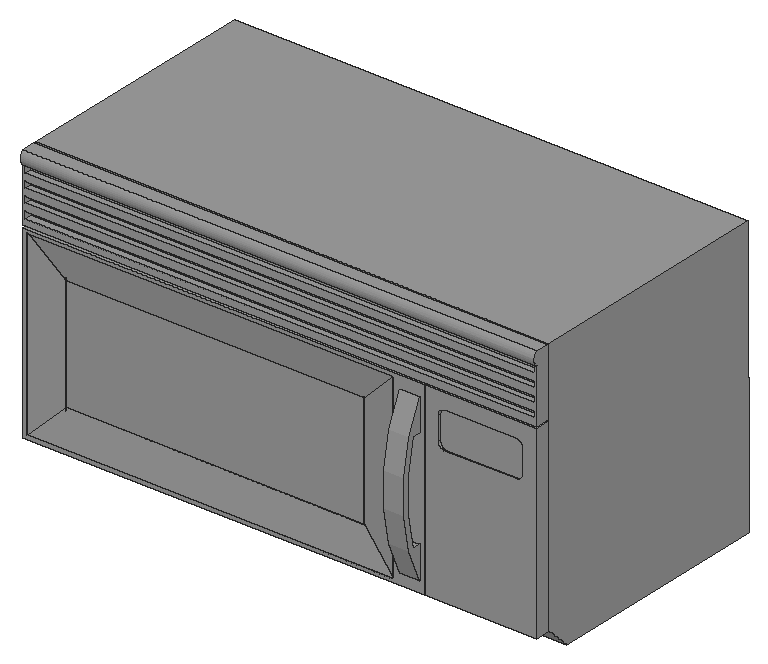
Revit family "30 inch Kitchen aid microwave vent combo", category Casework, Revit 2012
Parameters (values of type "70cm miele oven")
  Miele Oven Glass [instance] = Miele Oven Glass
  Miele Oven Frame [instance] = Appliance SS
  Depth = 39.1 cm
  Height = 41.3 cm
  Width = 75.9 cm
  Assembly Code = ""
Reference planes (cm)
  plane 1 "Back": y = 0
  plane 2: z = 0
  plane 3 "Center (Left/Right)": x = 1.8738
  plane 4 "Left": x = -36.0762
  plane 5 "Right": x = 39.8238
  plane 6 "Front": y = -39.1
  plane 7 "Top": z = 169.3
Forms (cm)
  Extrusion 1, solid, material "Appliance SS" <- "Miele Oven Frame"
    sketch origin (39.8238, 0, 0) x (0, -1, 0) y (0, 0, 1)
      loop
        line (36.8, 169.3) -> (0, 169.3) -> (0, 128) -> (33.6, 128) -> (36.8, 131.2) -> (36.8, 169.3)
    from 0 to 75.9
  Extrusion 2, solid, material "Appliance SS" <- "Miele Oven Frame"
    sketch origin (0, -39.1, 0) x (1, 0, 0) y (0, 0, 1)
      loop
        line (23.3238, 159) -> (23.3238, 131.2) -> (39.8238, 131.2) -> (39.8238, 159) -> (23.3238, 159)
      loop
        line (37.8238, 152.2534) -> (37.8238, 155.7534)
        arc (37.8238, 155.7534) -> (37.5309, 156.4605) -> (36.8238, 156.7534) r 1
        line (36.8238, 156.7534) -> (26.3238, 156.7534)
        arc (26.3238, 156.7534) -> (25.6167, 156.4605) -> (25.3238, 155.7534) r 1
        line (25.3238, 155.7534) -> (25.3238, 152.2534)
        arc (25.3238, 152.2534) -> (25.6167, 151.5463) -> (26.3238, 151.2534) r 1
        line (26.3238, 151.2534) -> (36.8238, 151.2534)
        arc (36.8238, 151.2534) -> (37.5309, 151.5463) -> (37.8238, 152.2534) r 1
    from -2 to 0
  Extrusion 3, solid, material "Miele Oven Glass" <- "Miele Oven Glass"
    sketch origin (0, -39.1, 0) x (1, 0, 0) y (0, 0, 1)
      loop
        line (25.3238, 155.7534) -> (25.3238, 152.2534)
        arc (25.3238, 152.2534) -> (25.6167, 151.5463) -> (26.3238, 151.2534) r 1
        line (26.3238, 151.2534) -> (36.8238, 151.2534)
        arc (36.8238, 151.2534) -> (37.5309, 151.5463) -> (37.8238, 152.2534) r 1
        line (37.8238, 152.2534) -> (37.8238, 155.7534)
        arc (37.8238, 155.7534) -> (37.5309, 156.4605) -> (36.8238, 156.7534) r 1
        line (36.8238, 156.7534) -> (26.3238, 156.7534)
        arc (26.3238, 156.7534) -> (25.6167, 156.4605) -> (25.3238, 155.7534) r 1
    from -1.3 to -0.3
  Extrusion 4, solid, material "Appliance SS" <- "Miele Oven Frame"
    sketch origin (0, -39.1, 0) x (1, 0, 0) y (0, 0, 1)
      loop
        line (-36.0762, 159) -> (-36.0762, 131.2) -> (23.3238, 131.2) -> (23.3238, 159) -> (-36.0762, 159)
      loop
        line (-35.5745, 158.5) -> (-35.5745, 131.7) -> (18.5238, 131.7) -> (18.5238, 158.5) -> (-35.5745, 158.5)
    from -2 to 0
  Extrusion 5, solid, material "Appliance SS" <- "Miele Oven Frame"
    sketch origin (0, 0, 128) x (1, 0, 0) y (0, 1, 0)
      loop
        line (-35.5745, -38.9737) -> (-30.5745, -38.1) -> (-30.5745, -37.1) -> (-35.5745, -37.1) -> (-35.5745, -38.9737)
    from 3.7 to 30.5
  Extrusion 6, solid, material "Appliance SS" <- "Miele Oven Frame"
    sketch origin (-17.0507, 0, 128) x (-1, 0, 0) y (0, -1, 0)
      loop
        line (-35.5745, 38.9737) -> (-35.5745, 37.1) -> (-30.5745, 37.1) -> (-30.5745, 38.1) -> (-35.5745, 38.9737)
    from 3.7 to 30.5
  Extrusion 7, solid, material "Appliance SS" <- "Miele Oven Frame"
    sketch origin (5.6238, 0, 122.9255) x (0, 0, -1) y (0, -1, 0)
      loop
        line (-35.5745, 38.9737) -> (-35.5745, 37.1) -> (-30.5745, 37.1) -> (-30.5745, 38.1) -> (-35.5745, 38.9737)
    from -12.9 to 41.1983
  Extrusion 8, solid, material "Appliance SS" <- "Miele Oven Frame"
    sketch origin (5.6238, 0, 167.2745) x (0, 0, 1) y (0, 1, 0)
      loop
        line (-35.5745, -38.9737) -> (-30.5745, -38.1) -> (-30.5745, -37.1) -> (-35.5745, -37.1) -> (-35.5745, -38.9737)
    from -12.9 to 41.1983
  Extrusion 9, solid, material "Miele Oven Glass" <- "Miele Oven Glass"
    sketch origin (0, -39.1, 0) x (1, 0, 0) y (0, 0, 1)
      loop
        line (-30.5745, 153.5) -> (-30.5745, 136.7) -> (13.5238, 136.7) -> (13.5238, 153.5) -> (-30.5745, 153.5)
    from -2 to -1
  Extrusion 10, solid, material "Appliance SS" <- "Miele Oven Frame"
    sketch origin (0, -39.1, 0) x (1, 0, 0) y (0, 0, 1)
      loop
        line (39.8238, 169.3) -> (-36.0762, 169.3) -> (-36.0762, 159.3) -> (39.8238, 159.3) -> (39.8238, 169.3)
      loop
        line (39.5238, 167.3) -> (-35.7762, 167.3) -> (-35.7762, 166.3) -> (39.5238, 166.3) -> (39.5238, 167.3)
      loop
        line (-35.7762, 160.3) -> (39.5238, 160.3) -> (39.5238, 161.3) -> (-35.7762, 161.3) -> (-35.7762, 160.3)
      loop
        line (-35.7762, 162.3) -> (39.5238, 162.3) -> (39.5238, 163.3) -> (-35.7762, 163.3) -> (-35.7762, 162.3)
      loop
        line (-35.7762, 164.3) -> (39.5238, 164.3) -> (39.5238, 165.3) -> (-35.7762, 165.3) -> (-35.7762, 164.3)
    from -2 to 0
  Extrusion 11, solid, material "Miele Oven Glass"
    sketch origin (0, -39.1, 0) x (1, 0, 0) y (0, 0, 1)
      loop
        line (-35.7762, 167.3) -> (-35.7762, 166.3) -> (39.5238, 166.3) -> (39.5238, 167.3) -> (-35.7762, 167.3)
      loop
        line (-35.7762, 165.3) -> (-35.7762, 164.3) -> (39.5238, 164.3) -> (39.5238, 165.3) -> (-35.7762, 165.3)
      loop
        line (-35.7762, 163.3) -> (-35.7762, 162.3) -> (39.5238, 162.3) -> (39.5238, 163.3) -> (-35.7762, 163.3)
      loop
        line (-35.7762, 161.3) -> (-35.7762, 160.3) -> (39.5238, 160.3) -> (39.5238, 161.3) -> (-35.7762, 161.3)
    from -2 to -1
  Extrusion 12, solid, material "Appliance SS" <- "Miele Oven Frame"
    sketch origin (39.8238, 0, 0) x (0, -1, 0) y (0, 0, 1)
      loop
        line (39.1, 169.3) -> (39.1, 167.3)
        arc (39.1, 167.3) -> (39.6223, 168.3) -> (39.1, 169.3) r 1.2184
    from 0 to 75.9
  Extrusion 13, solid, material "Appliance SS" <- "Miele Oven Frame"
    sketch origin (19.8238, 0, 0) x (0, -1, 0) y (0, 0, 1)
      loop
        line (39.1, 157.2236) -> (39.1, 152.4532) -> (40.3593, 152.4532)
        arc (40.3593, 152.4532) -> (41.4808, 145.0541) -> (40.3593, 137.6551) r 24.9683
        line (40.3593, 137.6551) -> (39.1, 137.6551) -> (39.1, 132.8506)
        arc (39.1, 132.8506) -> (42.1618, 145.0371) -> (39.1, 157.2236) r 25.7831
    from -2.728 to 0.3
Cuts and joins
  joined: Extrusion 10, Extrusion 12
Lines and regions (cm)
  reference lines
    curve 1: line (-36.0762, 0, 128) -> (-36.0762, -39.1, 128)
    curve 2: line (-36.0762, -39.1, 128) -> (39.8238, -39.1, 128)
    curve 3: line (-36.0762, 0, 128) -> (39.8238, 0, 128)
    curve 4: line (39.8238, 0, 128) -> (39.8238, -39.1, 128)
    curve 5: line (39.8238, -37.1, 169.3) -> (39.8238, -37.1, 130.8)
    curve 6: line (39.8238, -36.8, 131.2) -> (39.8238, -45.1, 131.2)
    curve 7: line (39.8238, -36.8, 169.3) -> (39.8238, -36.8, 131.2)
    curve 8: line (39.8238, -36.8, 131.2) -> (39.8238, -33.6, 128)
    curve 9: line (39.8238, -33.6, 128) -> (39.8238, 0, 128)
    curve 10: line (39.8238, 0, 128) -> (39.8238, 0, 169.3)
    curve 11: line (39.8238, 0, 169.3) -> (39.8238, -36.8, 169.3)
    curve 12: line (39.8238, -37.1, 159.3) -> (39.8238, -39.1, 159.3)
    curve 13: line (39.8238, -37.1, 159) -> (39.8238, -39.1, 159)
    curve 14: line (-36.0762, -39.1, 159.3) -> (39.8238, -39.1, 159.3)
    curve 15: line (-36.0762, -39.1, 159) -> (39.8238, -39.1, 159)
    curve 16: line (39.8238, -37.1, 128) -> (42.3238, -37.1, 128)
    curve 17: line (-35.5745, -39.1, 158.5) -> (-35.5745, -39.1, 131.7)
    curve 18: line (-35.5745, -39.1, 158.5) -> (18.5238, -39.1, 158.5)
    curve 19: line (-35.5745, -39.1, 131.7) -> (18.5238, -39.1, 131.7)
    curve 20: line (-30.5745, -39.1, 153.5) -> (-30.5745, -39.1, 136.7)
    curve 21: line (-30.5745, -39.1, 136.7) -> (13.5238, -39.1, 136.7)
    curve 22: line (13.5238, -39.1, 136.7) -> (13.5238, -39.1, 153.5)
    curve 23: line (13.5238, -39.1, 153.5) -> (-30.5745, -39.1, 153.5)
    curve 24: line (-35.5745, -38.1, 128) -> (-30.5745, -38.1, 128)
    curve 25: line (39.8238, -36.8, 131.7) -> (39.8238, -45.1, 131.7)
Dimensions and locks (cm)
  "Depth": plane 6 "Front" to plane 1 "Back"
  "Width": plane 4 "Left" to plane 5 "Right"
  equal spacing: plane 4 "Left", plane 3 "Center (Left/Right)", plane 5 "Right"
  "Height": level to plane 7 "Top"
Automatic sketch dimensions
  curve 1 to plane 4 "Left" = 0.0 cm
  curve 4 to plane 5 "Right" = 0.0 cm
  plane 6 "Front" to curve 1 = 0.0 cm
  plane 1 "Back" to curve 3 = 0.0 cm
  curve 24 to plane 4 "Left" = 0.5017 cm
  curve 24 to plane 6 "Front" = 1.0 cm
  curve 24 to curve 24 = 5.0 cm
  curve 16 to curve 16 = 2.5 cm
  curve 2 to curve 16 = 2.0 cm
  Extrusion 1 sketch curve to level = 0.0 cm
  Extrusion 1 sketch curve to plane 1 "Back" = 0.0 cm
  plane 7 "Top" to Extrusion 1 sketch curve = 0.0 cm
  Extrusion 1 sketch curve to plane 6 "Front" = 5.5 cm
  Extrusion 1 sketch curve to plane 6 "Front" = 2.3 cm
  level to Extrusion 1 sketch curve = 3.2 cm
  plane 5 "Right" to Extrusion 2 sketch curve = 0.0 cm
  plane 5 "Right" to Extrusion 2 sketch curve = 2.0 cm
  Extrusion 2 sketch curve to Extrusion 2 sketch curve = 1.0 cm  (x3)
  Extrusion 2 sketch curve to Extrusion 2 sketch curve = 10.5 cm
  Extrusion 2 sketch curve to Extrusion 2 sketch curve = 0.0 cm
  level to Extrusion 2 sketch curve = 3.2 cm
  plane 3 "Center (Left/Right)" to Extrusion 2 sketch curve = 21.45 cm
  plane 7 "Top" to Extrusion 2 sketch curve = 18.0466 cm
  Extrusion 2 sketch curve to Extrusion 2 sketch curve = 3.5 cm
  Extrusion 2 sketch curve to Extrusion 2 sketch curve = 3.2466 cm
  plane 5 "Right" to Extrusion 3 sketch curve = 14.5 cm
  Extrusion 3 sketch curve to Extrusion 3 sketch curve = 1.0 cm  (x3)
  plane 5 "Right" to Extrusion 3 sketch curve = 3.0 cm  (x2)
  plane 7 "Top" to Extrusion 3 sketch curve = 18.0466 cm
  Extrusion 3 sketch curve to Extrusion 3 sketch curve = 3.5 cm
  plane 4 "Left" to Extrusion 4 sketch curve = 0.0 cm
  Extrusion 4 sketch curve to plane 4 "Left" = 0.5017 cm
  plane 3 "Center (Left/Right)" to Extrusion 4 sketch curve = 16.65 cm
  Extrusion 4 sketch curve to Extrusion 4 sketch curve = 4.8 cm
  level to Extrusion 4 sketch curve = 3.2 cm
  Extrusion 4 sketch curve to Extrusion 4 sketch curve = 0.5 cm  (x2)
  plane 7 "Top" to Extrusion 4 sketch curve = 10.8 cm
  Extrusion 5 sketch curve to plane 6 "Front" = 0.1263 cm
  Extrusion 5 sketch curve to plane 4 "Left" = 0.5017 cm
  Extrusion 5 sketch curve to plane 6 "Front" = 2.0 cm
  Extrusion 5 sketch curve to Extrusion 5 sketch curve = 5.0 cm
  Extrusion 5 sketch curve to Extrusion 5 sketch curve = 1.0 cm
  plane 6 "Front" to Extrusion 6 sketch curve = 0.1263 cm
  Extrusion 6 sketch curve to plane 3 "Center (Left/Right)" = 16.65 cm
  plane 6 "Front" to Extrusion 6 sketch curve = 2.0 cm
  Extrusion 6 sketch curve to Extrusion 6 sketch curve = 5.0 cm
  Extrusion 6 sketch curve to Extrusion 6 sketch curve = 1.0 cm
  Extrusion 7 sketch curve to plane 6 "Front" = 0.1263 cm
  plane 7 "Top" to Extrusion 7 sketch curve = 10.8 cm
  Extrusion 7 sketch curve to plane 6 "Front" = 2.0 cm
  Extrusion 7 sketch curve to Extrusion 7 sketch curve = 5.0 cm
  Extrusion 7 sketch curve to Extrusion 7 sketch curve = 1.0 cm
  Extrusion 8 sketch curve to plane 6 "Front" = 0.1263 cm
  level to Extrusion 8 sketch curve = 3.7 cm
  Extrusion 8 sketch curve to plane 6 "Front" = 2.0 cm
  Extrusion 8 sketch curve to Extrusion 8 sketch curve = 5.0 cm
  Extrusion 8 sketch curve to Extrusion 8 sketch curve = 1.0 cm
  Extrusion 9 sketch curve to plane 4 "Left" = 5.5017 cm
  plane 3 "Center (Left/Right)" to Extrusion 9 sketch curve = 11.65 cm
  level to Extrusion 9 sketch curve = 8.7 cm
  plane 7 "Top" to Extrusion 9 sketch curve = 15.8 cm
  plane 4 "Left" to Extrusion 10 sketch curve = 0.0 cm
  plane 5 "Right" to Extrusion 10 sketch curve = 0.0 cm
  Extrusion 10 sketch curve to plane 7 "Top" = 0.0 cm
  Extrusion 10 sketch curve to plane 4 "Left" = 0.3 cm  (x4)
  plane 5 "Right" to Extrusion 10 sketch curve = 0.3 cm  (x4)
  plane 7 "Top" to Extrusion 10 sketch curve = 2.0 cm
  Extrusion 10 sketch curve to Extrusion 10 sketch curve = 1.0 cm  (x8)
  Extrusion 11 sketch curve to plane 4 "Left" = 0.3 cm  (x4)
  plane 5 "Right" to Extrusion 11 sketch curve = 0.3 cm  (x4)
  plane 7 "Top" to Extrusion 11 sketch curve = 9.0 cm
  Extrusion 11 sketch curve to Extrusion 11 sketch curve = 1.0 cm  (x7)
  Extrusion 12 sketch curve to plane 6 "Front" = 0.0 cm
  plane 7 "Top" to Extrusion 12 sketch curve = 0.0 cm
  Extrusion 12 sketch curve to plane 6 "Front" = 0.6961 cm
  plane 7 "Top" to Extrusion 12 sketch curve = 1.0 cm
  curve 11 to plane 1 "Back" = 0.0 cm
  curve 9 to level = 0.0 cm
  plane 7 "Top" to curve 7 = 0.0 cm
  plane 7 "Top" to curve 5 = 0.0 cm
  curve 13 to plane 6 "Front" = 0.0 cm
  curve 12 to plane 6 "Front" = 0.0 cm
  curve 9 to plane 6 "Front" = 5.5 cm
  curve 7 to plane 6 "Front" = 2.3 cm
  curve 6 to curve 5 = 0.3 cm
  plane 6 "Front" to curve 25 = 6.0 cm
  curve 6 to curve 25 = 0.0 cm
  level to curve 5 = 2.8 cm
  curve 5 to curve 8 = 0.4 cm
  curve 6 to curve 25 = 0.5 cm
  plane 7 "Top" to curve 13 = 10.3 cm
  curve 13 to curve 12 = 0.3 cm
  plane 4 "Left" to curve 15 = 0.0 cm
  plane 4 "Left" to curve 14 = 0.0 cm
  plane 5 "Right" to curve 14 = 0.0 cm
  plane 5 "Right" to curve 15 = 0.0 cm
  curve 19 to plane 4 "Left" = 0.5017 cm
  curve 21 to plane 4 "Left" = 5.5017 cm
  plane 3 "Center (Left/Right)" to curve 22 = 11.65 cm
  curve 21 to curve 19 = 5.0 cm
  curve 17 to curve 21 = 5.0 cm
  plane 7 "Top" to curve 23 = 15.8 cm
  curve 20 to curve 17 = 5.0 cm
  curve 15 to curve 14 = 0.3 cm
  curve 17 to curve 15 = 0.5 cm
  level to curve 19 = 3.7 cm
  curve 22 to curve 18 = 5.0 cm
  Extrusion 13 sketch curve to plane 6 "Front" = 0.0 cm  (x2)
  plane 1 "Back" to Extrusion 13 sketch curve = 16.5125 cm
  Extrusion 13 sketch curve to Extrusion 13 sketch curve = 0.1337 cm
  Extrusion 13 sketch curve to Extrusion 13 sketch curve = 1.2593 cm  (x2)
  level to Extrusion 13 sketch curve = 4.8506 cm
  Extrusion 13 sketch curve to Extrusion 13 sketch curve = 4.8045 cm
  Extrusion 13 sketch curve to Extrusion 13 sketch curve = 0.017 cm
  level to Extrusion 13 sketch curve = 17.0371 cm
